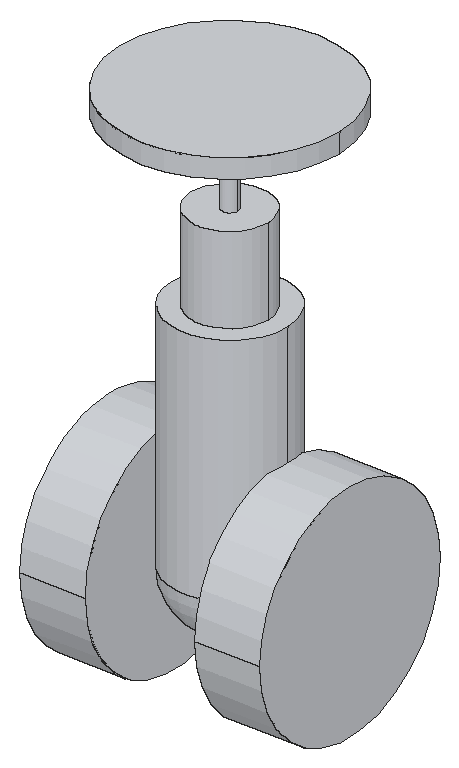
Revit family "Válvula de passagem - 15-50 mm - Rosqueada", category Acessórios do tubo, Revit 2019
Family settings
  Cota do conector redondo = Usar raio
  Tipo de parte = Válvula - Quebra entre
  Com base no plano de trabalho = Não
  Sempre na vertical = Sim
  Corte com vazios quando carregada = Não
  Compartilhado = Não
Parameters (values of type "50 mm")
  Material da válvula = none
  Comprimento da válvula = 77 mm
  Altura da válvula = 136.9 mm
  Comprimento do símbolo = Comprimento da válvula / 2 * tan(30.00°)  # 22.228 mm
  Raio do tronco = Diâmetro do tronco / 2  # 2.597 mm
  Altura do tronco = Altura da chapeleta * 1.5  # 81.818 mm
  Diâmetro do tronco = Diâmetro do recobrimento / 7.5  # 5.194 mm
  Raio nominal = 25 mm
  Diâmetro nominal = Raio nominal * 2  # 50 mm
  Método de perda = Coeficiente K
  K Coefficient = 0.34
  Espessura da manopla = Altura da válvula / 22  # 6.223 mm
  Raio da manivela = Diâmetro da manivela / 2  # 35.2 mm
  Espessura da porca da manopla = Altura da válvula / 23  # 5.952 mm
  Raio da porca da manopla = Diâmetro da porca da manopla / 2  # 2.597 mm
  Diâmetro da porca da manopla = Diâmetro do tronco  # 5.194 mm
  Diâmetro da manivela = 70.4 mm
  Espessura da rosca = 21 mm
  Raio da rosca = Altura completa - Altura da válvula  # 36 mm
  Altura completa = 172.9 mm
  Espessura do recobrimento = Altura da válvula / 22  # 6.223 mm
  Raio do recobrimento = Diâmetro do recobrimento / 2  # 19.478 mm
  Diâmetro do recobrimento = Diâmetro do corpo * 1.05  # 38.955 mm
  Raio da chapeleta = Diâmetro da chapeleta / 2  # 12.367 mm
  Altura da chapeleta = 54.545 mm
  Diâmetro da chapeleta = 2 / 3 * Diâmetro do corpo  # 24.733 mm
  Raio do corpo = Diâmetro do corpo / 2  # 18.55 mm
  Altura do corpo = 111 mm
  Diâmetro do corpo = Comprimento da válvula - (1.9 * Espessura da rosca)  # 37.1 mm
Types (6, lengths in mm): name | Comprimento da válvula | Altura da válvula | Comprimento do símbolo | Raio do tronco | Diâmetro do tronco | Raio nominal | Diâmetro nominal | Espessura da manopla | Raio da manivela | Espessura da porca da manopla | Raio da porca da manopla | Diâmetro da porca da manopla | Diâmetro da manivela | Espessura da rosca | Raio da rosca | Altura completa | Espessura do recobrimento | Raio do recobrimento | Diâmetro do recobrimento | Raio da chapeleta | Diâmetro da chapeleta | Raio do corpo | Altura do corpo | Diâmetro do corpo
  15 mm | 44 | 70.1 | 12.702 | 1.883 | 3.766 | 7.5 | 15 | 3.186 | 23.5 | 3.048 | 1.883 | 3.766 | 47 | 9 | 13.9 | 84 | 3.186 | 14.122 | 28.245 | 8.967 | 17.933 | 13.45 | 43 | 26.9
  20 mm | 47 | 79.7 | 13.568 | 1.96 | 3.92 | 10 | 20 | 3.623 | 23.5 | 3.465 | 1.96 | 3.92 | 47 | 10 | 16.3 | 96 | 3.623 | 14.7 | 29.4 | 9.333 | 18.667 | 14 | 50 | 28
  25 mm | 61 | 95 | 17.609 | 2.807 | 5.614 | 12.5 | 25 | 4.318 | 30.5 | 4.13 | 2.807 | 5.614 | 61 | 11 | 22 | 117 | 4.318 | 21.053 | 42.105 | 13.367 | 26.733 | 20.05 | 66 | 40.1
  32 mm | 70.4 | 109.8 | 20.323 | 2.68 | 5.361 | 16 | 32 | 4.991 | 35.2 | 4.774 | 2.68 | 5.361 | 70.4 | 16.9 | 26.7 | 136.5 | 4.991 | 20.102 | 40.205 | 12.763 | 25.527 | 19.145 | 80.7 | 38.29
  40 mm | 66 | 115 | 19.053 | 2.718 | 5.436 | 20 | 40 | 5.227 | 35.2 | 5 | 2.718 | 5.436 | 70.4 | 14.3 | 30 | 145 | 5.227 | 20.386 | 40.772 | 12.943 | 25.887 | 19.415 | 90 | 38.83
  50 mm | 77 | 136.9 | 22.228 | 2.597 | 5.194 | 25 | 50 | 6.223 | 35.2 | 5.952 | 2.597 | 5.194 | 70.4 | 21 | 36 | 172.9 | 6.223 | 19.478 | 38.955 | 12.367 | 24.733 | 18.55 | 111 | 37.1
Reference planes
  plane 1 "Centro (frente/trás)": y = 0
  plane 2: z = 0
  plane 3 "Centro (direita/esquerda)": x = 0
  plane 4: z = 136.9
  plane 5: x = 38.5
  plane 6: x = -38.5
  plane 7: x = -17.5
  plane 8: x = 17.5
  plane 9: z = 25
  plane 10: z = -18.55
  plane 11: z = 136.9
  plane 12: z = 130.677
  plane 13: z = 102.839
  plane 14: z = 75
  plane 15: y = 22.228
  plane 16: y = -22.228
  plane 17 "Topo da rosca": z = 36
  plane 18 "Inferior da rosca": z = -36
Forms (mm)
  Extrusion 1, solid, material <- "Material da válvula", detail levels fine
    sketch origin (0, 0, 0) x (0, 1, 0) y (0, 0, 1)
      loop
        circle (0, 0) r 36
    from -38.5 to -17.5
  Extrusion 2, solid, material <- "Material da válvula", detail levels fine
    sketch origin (0, 0, 0) x (0, 1, 0) y (0, 0, 1)
      loop
        circle (0, 0) r 36
    from 17.5 to 38.5
  Revolve 3, solid, material <- "Material da válvula", detail levels fine
    sketch origin (0, 0, 0) x (1, 0, 0) y (0, 0, 1)
      loop
        line (0, 18.55) -> (0, -18.55)
        arc (0, -18.55) -> (18.55, 0) -> (0, 18.55) r 18.55
      axis (0, 18.55) -> (0, -18.55)
    angle from 0 to 360
  Extrusion 4, solid, material <- "Material da válvula", detail levels fine
    sketch origin (0, 0, 0) x (1, 0, 0) y (0, 1, 0)
      loop
        circle (0, 0) r 35.2
    from 130.677 to 136.9
  Extrusion 5, solid, material <- "Material da válvula", detail levels fine
    sketch origin (0, 0, 0) x (1, 0, 0) y (0, 1, 0)
      loop
        circle (0, 0) r 2.597
    from 102.839 to 130.677
  Extrusion 6, solid, material <- "Material da válvula", detail levels fine
    sketch origin (0, 0, 0) x (1, 0, 0) y (0, 1, 0)
      loop
        circle (0, 0) r 12.367
    from 75 to 102.839
  Extrusion 7, solid, material <- "Material da válvula", detail levels fine
    sketch origin (0, 0, 0) x (1, 0, 0) y (0, 1, 0)
      loop
        circle (0, 0) r 18.55
    from 0 to 75
Cuts and joins
  joined: Extrusion 1, Extrusion 2, Revolve 3, Extrusion 4, Extrusion 5, Extrusion 6, Extrusion 7
Lines and regions (mm)
  model lines, detail levels coarse+medium
    curve 1: line (-38.5, 22.228, 0) -> (38.5, -22.228, 0)
    curve 2: line (38.5, 22.228, 0) -> (-38.5, -22.228, 0)
    curve 3: line (-38.5, 22.228, 0) -> (-38.5, -22.228, 0)
    curve 4: line (38.5, 22.228, 0) -> (38.5, -22.228, 0)
Dimensions and locks
  "Altura da válvula": plane 4 to plane 2
  "Espessura da rosca": plane 7 to plane 6
  "Raio do corpo": plane 2 to plane 10
  "Espessura da manopla": plane 11 to plane 12
  "Comprimento do símbolo": plane 15 to plane 1 "Centro (frente/trás)"
  "Comprimento do símbolo": plane 1 "Centro (frente/trás)" to plane 16
  "Espessura da rosca": plane 5 to plane 8
  equal spacing: plane 5, plane 3 "Centro (direita/esquerda)", plane 6
  "Comprimento da válvula": plane 5 to plane 6
  "Altura do corpo": plane 14 to plane 18 "Inferior da rosca"
  "Raio nominal": plane 9 to plane 2
  "Altura completa": plane 11 to plane 18 "Inferior da rosca"
  equal spacing: plane 17 "Topo da rosca", plane 2, plane 18 "Inferior da rosca"
  "Raio da rosca": plane 17 "Topo da rosca" to plane 2
  equal spacing: plane 12, plane 13, plane 14
  "Raio da rosca": radius of Extrusion 1 sketch curve
  "Raio da rosca": radius of Extrusion 2 sketch curve
  "Raio do corpo": radius of Revolve 3 sketch curve
  "Raio da manivela": radius of Extrusion 4 sketch curve
  "Raio do tronco": radius of Extrusion 5 sketch curve
  "Raio da chapeleta": radius of Extrusion 6 sketch curve
  "Raio do corpo": radius of Extrusion 7 sketch curve
  aligned and locked: plane 2 to Extrusion 1 sketch curve
  aligned and locked: plane 1 "Centro (frente/trás)" to Extrusion 1 sketch curve
  aligned and locked: plane 2 to Extrusion 2 sketch curve
  aligned and locked: plane 1 "Centro (frente/trás)" to Extrusion 2 sketch curve
  aligned and locked: plane 3 "Centro (direita/esquerda)" to Revolve 3 sketch curve
  aligned and locked: Revolve 3 sketch curve to plane 3 "Centro (direita/esquerda)"  (x2)
  aligned and locked: plane 1 "Centro (frente/trás)" to Extrusion 4 sketch curve
  aligned and locked: plane 3 "Centro (direita/esquerda)" to Extrusion 4 sketch curve
  aligned and locked: plane 11 to Extrusion 4
  aligned and locked: Extrusion 4 to plane 12
  aligned and locked: plane 1 "Centro (frente/trás)" to Extrusion 5 sketch curve
  aligned and locked: plane 3 "Centro (direita/esquerda)" to Extrusion 5 sketch curve
  aligned and locked: plane 12 to Extrusion 5
  aligned and locked: Extrusion 5 to plane 13
  aligned and locked: plane 1 "Centro (frente/trás)" to Extrusion 6 sketch curve
  aligned and locked: plane 3 "Centro (direita/esquerda)" to Extrusion 6 sketch curve
  aligned and locked: plane 13 to Extrusion 6
  aligned and locked: plane 14 to Extrusion 6
  aligned and locked: plane 1 "Centro (frente/trás)" to Extrusion 7 sketch curve
  aligned and locked: plane 3 "Centro (direita/esquerda)" to Extrusion 7 sketch curve
  aligned and locked: plane 15 to curve 2
  aligned and locked: plane 16 to curve 4
  aligned and locked: plane 4 to plane 11
  aligned and locked: cut or joined group of Extrusion 1, Extrusion 2, Revolve 3, Extrusion 4, Extrusion 5, Extrusion 6, Extrusion 7 to plane 14
  aligned and locked: cut or joined group of Extrusion 1, Extrusion 2, Revolve 3, Extrusion 4, Extrusion 5, Extrusion 6, Extrusion 7 to plane 6
  aligned and locked: plane 7 to cut or joined group of Extrusion 1, Extrusion 2, Revolve 3, Extrusion 4, Extrusion 5, Extrusion 6, Extrusion 7
  aligned and locked: cut or joined group of Extrusion 1, Extrusion 2, Revolve 3, Extrusion 4, Extrusion 5, Extrusion 6, Extrusion 7 to plane 8
  aligned and locked: plane 5 to cut or joined group of Extrusion 1, Extrusion 2, Revolve 3, Extrusion 4, Extrusion 5, Extrusion 6, Extrusion 7
  aligned and locked: plane 2 to Revolve 3 sketch curve
  aligned and locked: cut or joined group of Extrusion 1, Extrusion 2, Revolve 3, Extrusion 4, Extrusion 5, Extrusion 6, Extrusion 7 to plane 2
Automatic sketch dimensions
  Revolve 3 sketch curve to plane 10 = 32.619 mm
  Revolve 3 sketch curve to Revolve 3 sketch curve = 60 mm
  curve 3 to plane 6 = 0 mm
  curve 2 to plane 5 = 0 mm
  curve 2 to plane 16 = 0 mm
  curve 3 to plane 15 = 0 mm
Connectors
  piping at (-38.5, 0, 0), diameter 50, driven by "Raio nominal"
    settings: on cut or joined group of Extrusion 1, Extrusion 2, Revolve 3, Extrusion 4, Extrusion 5, Extrusion 6, Extrusion 7, index 1, connector inside diameter 50 mm, connector length 0 mm, flow factor 0, pipe flow 0.0 L/s, pressure drop 0.0 Pa, fitting loss kfactor 0, connector angle 0.00°, fixture units 0, engagement length 0 mm, angle of deflection 0.00°, flow configuration 0, flow direction 0, fitting loss method 0, system type 29, joint type 0, gender type 0, connector reference index 2, connector utility 0, adjustable connector no, is connector primary yes, connector description ""
  piping at (38.5, 0, 0), diameter 50, driven by "Raio nominal"
    settings: on cut or joined group of Extrusion 1, Extrusion 2, Revolve 3, Extrusion 4, Extrusion 5, Extrusion 6, Extrusion 7, index 2, connector inside diameter 50 mm, connector length 0 mm, flow factor 0, pipe flow 0.0 L/s, pressure drop 0.0 Pa, fitting loss kfactor 0, connector angle 0.00°, fixture units 0, engagement length 0 mm, angle of deflection 0.00°, flow configuration 0, flow direction 0, fitting loss method 0, system type 29, joint type 0, gender type 0, connector reference index 1, connector utility 0, adjustable connector no, is connector primary no, connector description ""
